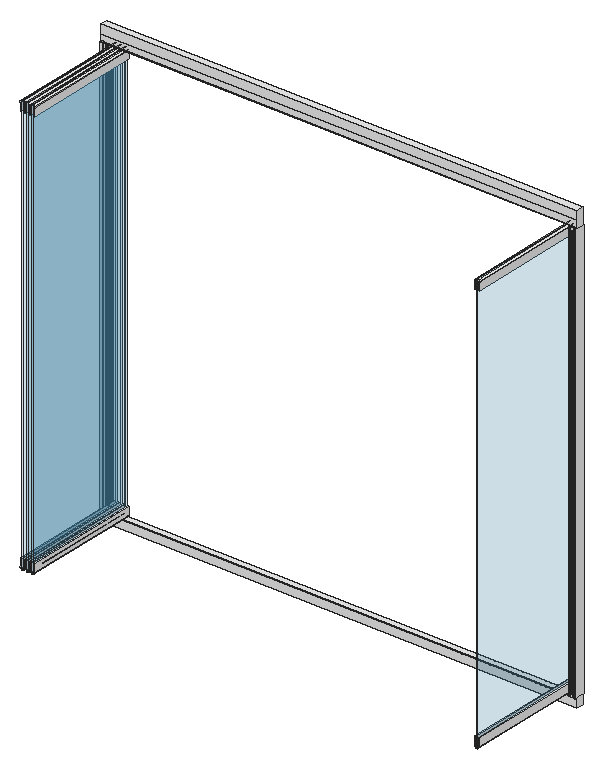
Revit family "98127", category Windows, host Wall, Revit 2018 (continued)
Definition of nested family "Header_SL-25"
  Definition of nested family "Detail Item_Header_SL-25"
    Lines and regions (in)
      model lines, in view "Ref. Level"
        curve 11: arc (0.52313, -1.73846, 0) -> (0.5425, -1.71908, 0) -> (0.52313, -1.69971, 0) r 0.01938
        curve 12: arc (0.67813, -1.69971, 0) -> (0.65875, -1.71908, 0) -> (0.67813, -1.73846, 0) r 0.01938
        curve 13: arc (0.47655, -2.35928, 0) -> (0.46527, -2.37883, 0) -> (0.48255, -2.39333, 0) r 0.01755
        curve 14: arc (0.6117, -3.01969, 0) -> (0.54345, -3.07392, 0) -> (0.5215, -3.15828, 0) r 0.13756
        curve 15: arc (0.50741, -3.17825, 0) -> (0.4768, -3.1991, 0) -> (0.465, -3.23421, 0) r 0.05812
        curve 16: arc (0.465, -3.26521, 0) -> (0.47067, -3.27891, 0) -> (0.48437, -3.28458, 0) r 0.01938
        curve 17: arc (0.50375, -3.28458, 0) -> (0.51745, -3.27891, 0) -> (0.52313, -3.26521, 0) r 0.01938
        curve 18: arc (0.61046, -3.20421, 0) -> (0.60762, -3.18106, 0) -> (0.58458, -3.17741, 0) r 0.01938
        curve 19: arc (0.63952, -3.07188, 0) -> (0.58829, -3.11228, 0) -> (0.58458, -3.17741, 0) r 0.07944
        curve 20: arc (0.63952, -3.07188, 0) -> (0.65875, -3.08889, 0) -> (0.67798, -3.07188, 0) r 0.01938
        curve 21: arc (0.73292, -3.17741, 0) -> (0.72921, -3.11228, 0) -> (0.67798, -3.07188, 0) r 0.07944
        curve 22: arc (0.73292, -3.17741, 0) -> (0.70988, -3.18106, 0) -> (0.70704, -3.20421, 0) r 0.01937
        curve 23: arc (0.71688, -3.90458, 0) -> (0.75798, -3.88756, 0) -> (0.775, -3.84646, 0) r 0.05812
        curve 24: arc (0.6975, -3.90458, 0) -> (0.6748, -3.84978, 0) -> (0.62, -3.82708, 0) r 0.0775
        curve 25: arc (0.52313, -3.78833, 0) -> (0.51745, -3.77463, 0) -> (0.50375, -3.76896, 0) r 0.01938
        curve 26: arc (0.48437, -3.76896, 0) -> (0.47067, -3.77463, 0) -> (0.465, -3.78833, 0) r 0.01938
        curve 27: arc (0.40688, -3.84646, 0) -> (0.36577, -3.86348, 0) -> (0.34875, -3.90458, 0) r 0.05812
        curve 28: arc (0.34875, -3.96271, 0) -> (0.3601, -3.99011, 0) -> (0.3875, -4.00146, 0) r 0.03875
        curve 29: arc (0.71688, -4.00146, 0) -> (0.82648, -3.95606, 0) -> (0.87188, -3.84646, 0) r 0.155
        curve 30: arc (0.83814, -1.42717, 0) -> (0.82133, -1.43051, 0) -> (0.81375, -1.44588, 0) r 0.01937
        curve 31: arc (0.75563, -1.43621, 0) -> (0.74995, -1.42251, 0) -> (0.73625, -1.41683, 0) r 0.01938
        curve 32: arc (0.71688, -1.41683, 0) -> (0.70317, -1.42251, 0) -> (0.6975, -1.43621, 0) r 0.01937
        curve 33: arc (0.6975, -1.11458, 0) -> (0.70317, -1.12828, 0) -> (0.71688, -1.13396, 0) r 0.01937
        curve 34: arc (0.73625, -1.13396, 0) -> (0.74995, -1.12828, 0) -> (0.75563, -1.11458, 0) r 0.01938
        curve 35: arc (0.81375, -1.10491, 0) -> (0.82133, -1.12028, 0) -> (0.83814, -1.12362, 0) r 0.01937
        curve 36: arc (0.25963, -0.99833, 0) -> (0.28232, -1.05313, 0) -> (0.33713, -1.07583, 0) r 0.0775
        curve 37: arc (-0.33712, -1.07583, 0) -> (-0.28232, -1.05313, 0) -> (-0.25962, -0.99833, 0) r 0.0775
        curve 38: arc (-0.83814, -1.12362, 0) -> (-0.82133, -1.12028, 0) -> (-0.81375, -1.10491, 0) r 0.01937
        curve 39: arc (-0.75562, -1.11458, 0) -> (-0.74995, -1.12828, 0) -> (-0.73625, -1.13396, 0) r 0.01937
        curve 40: arc (-0.71687, -1.13396, 0) -> (-0.70317, -1.12828, 0) -> (-0.6975, -1.11458, 0) r 0.01937
        curve 41: arc (-0.6975, -1.43621, 0) -> (-0.70317, -1.42251, 0) -> (-0.71687, -1.41683, 0) r 0.01937
        curve 42: arc (-0.73625, -1.41683, 0) -> (-0.74995, -1.42251, 0) -> (-0.75562, -1.43621, 0) r 0.01937
        curve 43: arc (-0.81375, -1.44588, 0) -> (-0.82133, -1.43051, 0) -> (-0.83814, -1.42717, 0) r 0.01937
        curve 44: arc (-0.87187, -3.84646, 0) -> (-0.82648, -3.95606, 0) -> (-0.71687, -4.00146, 0) r 0.155
        curve 45: arc (-0.3875, -4.00146, 0) -> (-0.3601, -3.99011, 0) -> (-0.34875, -3.96271, 0) r 0.03875
        curve 46: arc (-0.34875, -3.90458, 0) -> (-0.36577, -3.86348, 0) -> (-0.40687, -3.84646, 0) r 0.05812
        curve 47: arc (-0.465, -3.78833, 0) -> (-0.47067, -3.77463, 0) -> (-0.48437, -3.76896, 0) r 0.01938
        curve 48: arc (-0.50375, -3.76896, 0) -> (-0.51745, -3.77463, 0) -> (-0.52312, -3.78833, 0) r 0.01937
        curve 49: arc (-0.62, -3.82708, 0) -> (-0.6748, -3.84978, 0) -> (-0.6975, -3.90458, 0) r 0.0775
        curve 50: arc (-0.775, -3.84646, 0) -> (-0.75798, -3.88756, 0) -> (-0.71687, -3.90458, 0) r 0.05812
        curve 51: arc (-0.70704, -3.20421, 0) -> (-0.70988, -3.18106, 0) -> (-0.73292, -3.17741, 0) r 0.01938
        curve 52: arc (-0.67798, -3.07188, 0) -> (-0.72921, -3.11228, 0) -> (-0.73292, -3.17741, 0) r 0.07944
        curve 53: arc (-0.67798, -3.07188, 0) -> (-0.65875, -3.08889, 0) -> (-0.63952, -3.07188, 0) r 0.01937
        curve 54: arc (-0.58458, -3.17741, 0) -> (-0.58829, -3.11228, 0) -> (-0.63952, -3.07188, 0) r 0.07944
        curve 55: arc (-0.58458, -3.17741, 0) -> (-0.60762, -3.18106, 0) -> (-0.61046, -3.20421, 0) r 0.01937
        curve 56: arc (-0.52312, -3.26521, 0) -> (-0.51745, -3.27891, 0) -> (-0.50375, -3.28458, 0) r 0.01937
        curve 57: arc (-0.48437, -3.28458, 0) -> (-0.47067, -3.27891, 0) -> (-0.465, -3.26521, 0) r 0.01938
        curve 58: arc (-0.465, -3.23421, 0) -> (-0.4768, -3.1991, 0) -> (-0.50741, -3.17825, 0) r 0.05812
        curve 59: arc (-0.5215, -3.15828, 0) -> (-0.52463, -3.11836, 0) -> (-0.53913, -3.08102, 0) r 0.13756
        curve 60: arc (0.73625, -1.62996, 0) -> (0.73058, -1.61626, 0) -> (0.71688, -1.61058, 0) r 0.01937
        curve 61: arc (-0.71687, -1.61058, 0) -> (-0.73058, -1.61626, 0) -> (-0.73625, -1.62996, 0) r 0.01937
        curve 62: arc (-0.5215, -3.15828, 0) -> (-0.518, -3.17076, 0) -> (-0.50741, -3.17825, 0) r 0.01937
        curve 63: arc (-0.52228, -3.05208, 0) -> (-0.53903, -3.06171, 0) -> (-0.53913, -3.08102, 0) r 0.01938
        curve 64: arc (0.50741, -3.17825, 0) -> (0.518, -3.17076, 0) -> (0.5215, -3.15828, 0) r 0.01938
        curve 65: arc (-0.25187, -5.93896, 0) -> (-0.23817, -5.93328, 0) -> (-0.2325, -5.91958, 0) r 0.01937
        curve 66: arc (-0.2325, -6.15208, 0) -> (-0.23817, -6.13838, 0) -> (-0.25187, -6.13271, 0) r 0.01937
        curve 67: arc (-0.25188, -6.28771, 0) -> (-0.23817, -6.28203, 0) -> (-0.2325, -6.26833, 0) r 0.01937
        curve 68: arc (-0.50375, -6.69458, 0) -> (-0.465, -6.73333, 0) -> (-0.42625, -6.69458, 0) r 0.03875
        curve 69: arc (-0.34875, -6.66552, 0) -> (-0.31969, -6.69458, 0) -> (-0.29062, -6.66552, 0) r 0.02906
        curve 70: arc (-0.2325, -6.57833, 0) -> (-0.23817, -6.56463, 0) -> (-0.25188, -6.55896, 0) r 0.01937
        curve 71: arc (-0.2325, -5.70646, 0) -> (-0.23817, -5.69276, 0) -> (-0.25187, -5.68708, 0) r 0.01937
        curve 72: arc (-0.27125, -5.68708, 0) -> (-0.28495, -5.69276, 0) -> (-0.29062, -5.70646, 0) r 0.01937
        curve 73: arc (0.31, -5.59021, 0) -> (0.31567, -5.60391, 0) -> (0.32938, -5.60958, 0) r 0.01937
        curve 74: arc (0.34875, -5.60958, 0) -> (0.36245, -5.60391, 0) -> (0.36812, -5.59021, 0) r 0.01937
        curve 75: arc (0.04965, -5.35174, 0) -> (0.02699, -5.35377, 0) -> (0.02188, -5.37595, 0) r 0.01937
        curve 76: arc (-0.07707, -5.31881, 0) -> (-0.03972, -5.36838, 0) -> (0.02188, -5.37595, 0) r 0.07944
        curve 77: arc (-0.07707, -5.31881, 0) -> (-0.06006, -5.29958, 0) -> (-0.07707, -5.28035, 0) r 0.01937
        curve 78: arc (0.02188, -5.22322, 0) -> (-0.03972, -5.23079, 0) -> (-0.07707, -5.28035, 0) r 0.07944
        curve 79: arc (0.02188, -5.22322, 0) -> (0.02688, -5.2453, 0) -> (0.04941, -5.24757, 0) r 0.01937
        curve 80: arc (0.36812, -4.98958, 0) -> (0.36245, -4.97588, 0) -> (0.34875, -4.97021, 0) r 0.01937
        curve 81: arc (0.29062, -4.97021, 0) -> (0.27692, -4.97588, 0) -> (0.27125, -4.98958, 0) r 0.01937
        curve 82: arc (0.27125, -5.00896, 0) -> (0.27692, -5.02266, 0) -> (0.29062, -5.02833, 0) r 0.01937
        curve 83: arc (-0.25187, -5.14458, 0) -> (-0.25755, -5.13088, 0) -> (-0.27125, -5.12521, 0) r 0.01937
        curve 84: arc (-0.31, -5.12521, 0) -> (-0.3237, -5.13088, 0) -> (-0.32937, -5.14458, 0) r 0.01937
        curve 85: arc (-0.32937, -5.18333, 0) -> (-0.3237, -5.19703, 0) -> (-0.31, -5.20271, 0) r 0.01937
        curve 86: arc (-0.1619, -5.22975, 0) -> (-0.17089, -5.25618, 0) -> (-0.1756, -5.2837, 0) r 0.17631
        curve 87: arc (-0.3875, -4.98958, 0) -> (-0.36812, -4.97021, 0) -> (-0.3875, -4.95083, 0) r 0.01937
        curve 88: arc (-0.3875, -4.64083, 0) -> (-0.36812, -4.62146, 0) -> (-0.3875, -4.60208, 0) r 0.01937
        curve 89: arc (-0.32937, -4.44708, 0) -> (-0.31803, -4.47448, 0) -> (-0.29062, -4.48583, 0) r 0.03875
        curve 90: arc (-0.27125, -4.48583, 0) -> (-0.25755, -4.48016, 0) -> (-0.25187, -4.46646, 0) r 0.01937
        curve 91: arc (-0.25187, -4.21458, 0) -> (-0.25755, -4.20088, 0) -> (-0.27125, -4.19521, 0) r 0.01937
        curve 92: arc (-0.58125, -6.83021, 0) -> (-0.53585, -6.93981, 0) -> (-0.42625, -6.98521, 0) r 0.155
        curve 93: arc (-0.27125, -6.98521, 0) -> (-0.25755, -6.97953, 0) -> (-0.25187, -6.96583, 0) r 0.01937
        curve 94: arc (-0.37712, -6.88833, 0) -> (-0.33276, -6.92366, 0) -> (-0.27622, -6.91933, 0) r 0.0775
        curve 95: arc (-0.42625, -6.81083, 0) -> (-0.465, -6.84958, 0) -> (-0.42625, -6.88833, 0) r 0.03875
        curve 96: arc (-0.27622, -6.77983, 0) -> (-0.33276, -6.7755, 0) -> (-0.37712, -6.81083, 0) r 0.0775
        curve 97: arc (-0.2552, -6.75881, 0) -> (-0.2384, -6.73367, 0) -> (-0.2325, -6.70401, 0) r 0.0775
        curve 98: arc (-0.44562, -5.24146, 0) -> (-0.42293, -5.29626, 0) -> (-0.36812, -5.31896, 0) r 0.0775
        curve 99: arc (-0.37173, -5.45458, 0) -> (-0.42521, -5.47599, 0) -> (-0.44914, -5.5284, 0) r 0.0775
        curve 100: arc (-0.21419, -5.31896, 0) -> (-0.18805, -5.30881, 0) -> (-0.1756, -5.2837, 0) r 0.03875
        curve 101: arc (-0.42625, -4.38896, 0) -> (-0.45365, -4.40031, 0) -> (-0.465, -4.42771, 0) r 0.03875
        curve 102: arc (-0.42625, -4.98958, 0) -> (-0.43995, -4.99526, 0) -> (-0.44562, -5.00896, 0) r 0.01937
        curve 103: arc (-0.465, -4.93146, 0) -> (-0.45933, -4.94516, 0) -> (-0.44562, -4.95083, 0) r 0.01937
        curve 104: arc (-0.44562, -4.64083, 0) -> (-0.45933, -4.64651, 0) -> (-0.465, -4.66021, 0) r 0.01937
        curve 105: arc (-0.465, -4.58271, 0) -> (-0.45933, -4.59641, 0) -> (-0.44562, -4.60208, 0) r 0.01937
        curve 106: arc (-0.48437, -6.11333, 0) -> (-0.4787, -6.12703, 0) -> (-0.465, -6.13271, 0) r 0.01937
        curve 107: arc (-0.46403, -5.84116, 0) -> (-0.4587, -5.85545, 0) -> (-0.44468, -5.86146, 0) r 0.01937
        curve 108: arc (-0.48437, -6.21021, 0) -> (-0.49808, -6.21588, 0) -> (-0.50375, -6.22958, 0) r 0.01938
        curve 109: arc (-0.32937, -4.40833, 0) -> (-0.33505, -4.39463, 0) -> (-0.34875, -4.38896, 0) r 0.01938
        curve 110: arc (-0.465, -5.93896, 0) -> (-0.4787, -5.94463, 0) -> (-0.48437, -5.95833, 0) r 0.01937
        curve 111: arc (-0.1619, -5.22975, 0) -> (-0.1635, -5.21143, 0) -> (-0.17969, -5.20271, 0) r 0.01937
        curve 112: arc (0.32162, -6.90771, 0) -> (0.31595, -6.89401, 0) -> (0.30225, -6.88833, 0) r 0.01937
        curve 113: arc (0.465, -6.98521, 0) -> (0.5746, -6.93981, 0) -> (0.62, -6.83021, 0) r 0.155
        curve 114: arc (0.32938, -4.19521, 0) -> (0.30197, -4.20656, 0) -> (0.29063, -4.23396, 0) r 0.03875
        curve 115: arc (0.29063, -4.30018, 0) -> (0.29863, -4.32377, 0) -> (0.31935, -4.33761, 0) r 0.03875
        curve 116: arc (0.40874, -4.36157, 0) -> (0.41243, -4.36165, 0) -> (0.41573, -4.36002, 0) r 0.00775
        curve 117: arc (0.5425, -4.38121, 0) -> (0.53115, -4.35381, 0) -> (0.50375, -4.34246, 0) r 0.03875
        curve 118: arc (0.4855, -6.90495, 0) -> (0.52662, -6.8772, 0) -> (0.5425, -6.83021, 0) r 0.0775
        curve 119: arc (0.44459, -6.83408, 0) -> (0.4372, -6.83024, 0) -> (0.43059, -6.83531, 0) r 0.00775
        curve 120: arc (-0.92031, -2.10271, 0) -> (-0.90661, -2.09703, 0) -> (-0.90094, -2.08333, 0) r 0.01937
        curve 121: arc (-0.96875, -2.08333, 0) -> (-0.96308, -2.09703, 0) -> (-0.94937, -2.10271, 0) r 0.01938
        curve 122: arc (-0.90094, -1.92348, 0) -> (-0.87803, -1.84293, 0) -> (-0.89125, -1.76024, 0) r 0.19375
        curve 123: arc (-0.89125, -1.51517, 0) -> (-0.87769, -1.44396, 0) -> (-0.89125, -1.37274, 0) r 0.19375
        curve 124: arc (0.94938, -2.10271, 0) -> (0.96308, -2.09703, 0) -> (0.96875, -2.08333, 0) r 0.01938
        curve 125: arc (0.90094, -2.08333, 0) -> (0.90661, -2.09703, 0) -> (0.92031, -2.10271, 0) r 0.01938
        curve 126: arc (0.89125, -1.76024, 0) -> (0.87803, -1.84293, 0) -> (0.90094, -1.92348, 0) r 0.19375
        curve 127: arc (0.89125, -1.37274, 0) -> (0.87769, -1.44396, 0) -> (0.89125, -1.51517, 0) r 0.19375
        curve 128: arc (-0.77698, -0.27713, 0) -> (-0.87423, -0.22098, 0) -> (-0.81808, -0.31823, 0) r 0.05812
        curve 129: arc (-0.89125, -1.12767, 0) -> (-0.87769, -1.05646, 0) -> (-0.89125, -0.98524, 0) r 0.19375
        curve 130: arc (-0.85898, -0.38336, 0) -> (-0.8228, -0.37214, 0) -> (-0.81347, -0.33543, 0) r 0.03875
        curve 131: arc (-0.89125, -0.74017, 0) -> (-0.87769, -0.66896, 0) -> (-0.89125, -0.59774, 0) r 0.19375
        curve 132: arc (-0.87564, -0.37857, 0) -> (-0.86739, -0.38125, 0) -> (-0.85898, -0.38336, 0) r 0.124
        curve 133: arc (-0.87564, -0.37857, 0) -> (-0.88629, -0.37996, 0) -> (-0.89125, -0.38949, 0) r 0.01163
        curve 134: arc (-0.5425, -0.38608, 0) -> (-0.53683, -0.39978, 0) -> (-0.52312, -0.40546, 0) r 0.01937
        curve 135: arc (-0.52312, -0.33571, 0) -> (-0.53683, -0.34138, 0) -> (-0.5425, -0.35508, 0) r 0.01937
        curve 136: arc (-0.43594, -0.33571, 0) -> (-0.42224, -0.33003, 0) -> (-0.41656, -0.31633, 0) r 0.01937
        curve 137: arc (-0.19375, -0.34733, 0) -> (-0.19942, -0.33363, 0) -> (-0.21312, -0.32796, 0) r 0.01938
        curve 138: arc (-0.21312, -0.40546, 0) -> (-0.19942, -0.39978, 0) -> (-0.19375, -0.38608, 0) r 0.01938
        curve 139: arc (-0.75978, -0.28173, 0) -> (-0.72307, -0.27241, 0) -> (-0.71185, -0.23623, 0) r 0.03875
        curve 140: arc (-0.70572, -0.20396, 0) -> (-0.71525, -0.20892, 0) -> (-0.71664, -0.21957, 0) r 0.01163
        curve 141: arc (-0.71185, -0.23623, 0) -> (-0.71395, -0.22781, 0) -> (-0.71664, -0.21957, 0) r 0.124
        curve 142: arc (-0.41656, -0.22333, 0) -> (-0.42224, -0.20963, 0) -> (-0.43594, -0.20396, 0) r 0.01937
        curve 143: arc (-0.27706, -0.25821, 0) -> (-0.26336, -0.25253, 0) -> (-0.25769, -0.23883, 0) r 0.01937
        curve 144: arc (0.81808, -0.31823, 0) -> (0.87423, -0.22098, 0) -> (0.77698, -0.27713, 0) r 0.05812
        curve 145: arc (0.19375, -0.38608, 0) -> (0.19942, -0.39978, 0) -> (0.21313, -0.40546, 0) r 0.01937
        curve 146: arc (0.21313, -0.32796, 0) -> (0.19942, -0.33363, 0) -> (0.19375, -0.34733, 0) r 0.01937
        curve 147: arc (0.41656, -0.31633, 0) -> (0.42224, -0.33003, 0) -> (0.43594, -0.33571, 0) r 0.01938
        curve 148: arc (0.52313, -0.40546, 0) -> (0.53683, -0.39978, 0) -> (0.5425, -0.38608, 0) r 0.01938
        curve 149: arc (0.5425, -0.35508, 0) -> (0.53683, -0.34138, 0) -> (0.52313, -0.33571, 0) r 0.01938
        curve 150: arc (0.89125, -0.98524, 0) -> (0.87769, -1.05646, 0) -> (0.89125, -1.12767, 0) r 0.19375
        curve 151: arc (0.89125, -0.59774, 0) -> (0.87769, -0.66896, 0) -> (0.89125, -0.74017, 0) r 0.19375
        curve 152: arc (0.81347, -0.33543, 0) -> (0.8228, -0.37214, 0) -> (0.85898, -0.38336, 0) r 0.03875
        curve 153: arc (0.89125, -0.38949, 0) -> (0.88629, -0.37996, 0) -> (0.87564, -0.37857, 0) r 0.01163
        curve 154: arc (0.85898, -0.38336, 0) -> (0.86739, -0.38125, 0) -> (0.87564, -0.37857, 0) r 0.124
        curve 155: arc (0.25769, -0.23883, 0) -> (0.26336, -0.25253, 0) -> (0.27706, -0.25821, 0) r 0.01937
        curve 156: arc (0.43594, -0.20396, 0) -> (0.42224, -0.20963, 0) -> (0.41656, -0.22333, 0) r 0.01938
        curve 157: arc (0.71185, -0.23623, 0) -> (0.72307, -0.27241, 0) -> (0.75978, -0.28173, 0) r 0.03875
        curve 158: arc (0.71664, -0.21957, 0) -> (0.71395, -0.22781, 0) -> (0.71185, -0.23623, 0) r 0.124
        curve 159: arc (0.71664, -0.21957, 0) -> (0.71525, -0.20892, 0) -> (0.70572, -0.20396, 0) r 0.01162
        curve 160: arc (-0.23726, -1.07154, 0) -> (-0.23926, -1.06833, 0) -> (-0.24219, -1.06592, 0) r 0.01163
        curve 161: arc (-0.21278, -1.13066, 0) -> (-0.20849, -1.13587, 0) -> (-0.20203, -1.13783, 0) r 0.01163
        curve 162: arc (0.24219, -1.06592, 0) -> (0.23926, -1.06833, 0) -> (0.23726, -1.07154, 0) r 0.01163
        curve 163: arc (0.20203, -1.13783, 0) -> (0.20849, -1.13587, 0) -> (0.21278, -1.13066, 0) r 0.01162
        curve 164: arc (-0.2325, -0.07221, 0) -> (-0.2462, -0.07788, 0) -> (-0.25187, -0.09158, 0) r 0.01938
        curve 165: arc (0.25769, -0.23883, 0) -> (0.26336, -0.25253, 0) -> (0.27706, -0.25821, 0) r 0.01937
        curve 166: arc (0.25187, -0.09158, 0) -> (0.2462, -0.07788, 0) -> (0.2325, -0.07221, 0) r 0.01937
        curve 167: arc (-0.20507, -6.90291, 0) -> (-0.20423, -6.91726, 0) -> (-0.19375, -6.92708, 0) r 0.01937
        curve 168: arc (-0.20507, -6.84479, 0) -> (-0.20423, -6.85913, 0) -> (-0.19375, -6.86896, 0) r 0.01937
        curve 169: arc (-0.20507, -6.78666, 0) -> (-0.20423, -6.80101, 0) -> (-0.19375, -6.81083, 0) r 0.01937
        curve 170: arc (-0.19502, -6.75653, 0) -> (-0.19514, -6.74394, 0) -> (-0.20295, -6.73408, 0) r 0.01937
        curve 171: arc (-0.21006, -6.72953, 0) -> (-0.22466, -6.72691, 0) -> (-0.23683, -6.73539, 0) r 0.01937
        curve 172: arc (-0.25187, -6.97718, 0) -> (-0.23991, -6.99508, 0) -> (-0.2188, -6.99088, 0) r 0.01938
        curve 173: arc (-0.31, -6.88833, 0) -> (-0.27125, -6.84958, 0) -> (-0.31, -6.81083, 0) r 0.03875
        curve 174: arc (-0.31, -6.81083, 0) -> (-0.34875, -6.84958, 0) -> (-0.31, -6.88833, 0) r 0.03875
        curve 175: arc (-0.2051, -6.97718, 0) -> (-0.1967, -6.96461, 0) -> (-0.19375, -6.94978, 0) r 0.03875
        curve 176: arc (-0.26819, -6.78433, 0) -> (-0.3875, -6.84958, 0) -> (-0.26819, -6.91484, 0) r 0.0775
        curve 177: line (-0.43804, -6.22958, 0) -> (-0.48437, -6.42333, 0)
        curve 178: line (-0.48437, -6.42333, 0) -> (-0.43804, -6.61708, 0)
        curve 179: arc (-0.29837, -6.26446, 0) -> (-0.30225, -6.25774, 0) -> (-0.31, -6.25774, 0) r 0.00775
        curve 180: arc (-0.40486, -6.31251, 0) -> (-0.41028, -6.32559, 0) -> (-0.39905, -6.33421, 0) r 0.01162
        curve 181: arc (-0.39905, -6.51246, 0) -> (-0.41028, -6.52107, 0) -> (-0.40486, -6.53415, 0) r 0.01162
        curve 182: arc (-0.31, -6.58892, 0) -> (-0.30225, -6.58892, 0) -> (-0.29837, -6.58221, 0) r 0.00775
        curve 183: arc (0.47695, -6.85994, 0) -> (0.50595, -6.87195, 0) -> (0.52506, -6.84705, 0) r 0.02578
        curve 184: arc (0.37781, -6.80308, 0) -> (0.38349, -6.81678, 0) -> (0.39719, -6.82246, 0) r 0.01937
        curve 185: arc (0.14531, -5.32864, 0) -> (0.15099, -5.34234, 0) -> (0.16469, -5.34802, 0) r 0.01937
        curve 186: arc (0.16469, -5.25114, 0) -> (0.15099, -5.25682, 0) -> (0.14531, -5.27052, 0) r 0.01937
        curve 187: arc (0.34875, -4.41996, 0) -> (0.35442, -4.43366, 0) -> (0.36813, -4.43933, 0) r 0.01938
        curve 188: arc (0.36813, -4.38121, 0) -> (0.35442, -4.38688, 0) -> (0.34875, -4.40058, 0) r 0.01938
        curve 189: arc (0.45265, -4.35037, 0) -> (0.4397, -4.35229, 0) -> (0.42869, -4.35939, 0) r 0.031
        curve 190: arc (0.52506, -4.42771, 0) -> (0.50413, -4.37474, 0) -> (0.45265, -4.35037, 0) r 0.0775
        curve 191: arc (0.50569, -4.44708, 0) -> (0.51939, -4.44141, 0) -> (0.52506, -4.42771, 0) r 0.01938
        curve 192: arc (0.01936, -3.38113, 0) -> (0.03561, -3.38035, 0) -> (0.05183, -3.37912, 0) r 0.58397
        curve 193: arc (0.05183, -3.37912, 0) -> (0.0567, -3.37866, 0) -> (0.06156, -3.37816, 0) r 0.6057
        curve 194: line (0.06156, -3.37816, 0) -> (0.19016, -3.35204, 0)
        curve 195: line (-0.19016, -3.35204, 0) -> (-0.06156, -3.37816, 0)
        curve 196: arc (-0.06156, -3.37816, 0) -> (-0.05675, -3.37865, 0) -> (-0.05194, -3.37911, 0) r 0.60576
        curve 197: arc (-0.05194, -3.37911, 0) -> (-0.03567, -3.38034, 0) -> (-0.01936, -3.38113, 0) r 0.584
        curve 198: line (-0.38033, -3.21713, 0) -> (-0.28525, -3.18771, 0)
        curve 199: line (-0.28525, -3.18771, 0) -> (-0.19016, -3.21713, 0)
        curve 200: line (-0.26252, -3.37965, 0) -> (-0.19016, -3.35204, 0)
        curve 201: line (-0.38033, -3.35204, 0) -> (-0.28525, -3.38146, 0)
        curve 202: line (0.28525, -3.18771, 0) -> (0.38033, -3.21713, 0)
        curve 203: line (0.19016, -3.21713, 0) -> (0.28525, -3.18771, 0)
        curve 204: arc (0.28525, -3.38146, 0) -> (0.29723, -3.38095, 0) -> (0.30913, -3.37947, 0) r 0.14677
        curve 205: line (0.30913, -3.37947, 0) -> (0.38033, -3.35204, 0)
        curve 206: line (0.19016, -3.35204, 0) -> (0.26075, -3.37936, 0)
        curve 207: line (0.26075, -3.37936, 0) -> (0.28525, -3.38146, 0)
        curve 208: line (-0.19016, -3.21713, 0) -> (0, -3.18771, 0)
        curve 209: line (0, -3.18771, 0) -> (0.19016, -3.21713, 0)
        curve 210: arc (0.73625, -3.82708, 0) -> (0.76365, -3.81573, 0) -> (0.775, -3.78833, 0) r 0.03875
        curve 211: arc (0.775, -3.28458, 0) -> (0.76365, -3.25718, 0) -> (0.73625, -3.24583, 0) r 0.03875
        curve 212: arc (0.27125, -4.52458, 0) -> (0.2599, -4.49718, 0) -> (0.2325, -4.48583, 0) r 0.03875
        curve 213: arc (0.2325, -5.10583, 0) -> (0.2599, -5.09448, 0) -> (0.27125, -5.06708, 0) r 0.03875
        curve 214: arc (-0.31, -5.10583, 0) -> (-0.3237, -5.11151, 0) -> (-0.32937, -5.12521, 0) r 0.01937
        curve 215: arc (-0.36812, -5.20271, 0) -> (-0.34072, -5.19136, 0) -> (-0.32937, -5.16396, 0) r 0.03875
        curve 216: arc (-0.42625, -5.18333, 0) -> (-0.42058, -5.19703, 0) -> (-0.40687, -5.20271, 0) r 0.01937
        curve 217: arc (-0.40687, -4.38896, 0) -> (-0.42058, -4.39463, 0) -> (-0.42625, -4.40833, 0) r 0.01937
        curve 218: arc (-0.32937, -4.42771, 0) -> (-0.3304, -4.41887, 0) -> (-0.33341, -4.41049, 0) r 0.03875
        curve 219: arc (-0.33341, -4.41049, 0) -> (-0.34072, -4.40031, 0) -> (-0.35091, -4.39299, 0) r 0.03875
        curve 220: arc (-0.35091, -4.39299, 0) -> (-0.35929, -4.38998, 0) -> (-0.36812, -4.38896, 0) r 0.03875
        curve 221: arc (-0.32937, -4.46646, 0) -> (-0.3237, -4.48016, 0) -> (-0.31, -4.48583, 0) r 0.01937
        curve 222: arc (-0.6975, -3.67208, 0) -> (-0.69183, -3.68578, 0) -> (-0.67812, -3.69146, 0) r 0.01938
        curve 223: arc (-0.67812, -3.38146, 0) -> (-0.69183, -3.38713, 0) -> (-0.6975, -3.40083, 0) r 0.01938
        curve 224: arc (0.33872, -3.69278, 0) -> (0.31801, -3.70662, 0) -> (0.31, -3.73021, 0) r 0.03875
        curve 225: arc (0.34875, -3.69146, 0) -> (0.34395, -3.69176, 0) -> (0.33922, -3.69265, 0) r 0.03875
        curve 226: arc (-0.31, -3.73021, 0) -> (-0.32135, -3.70281, 0) -> (-0.34875, -3.69146, 0) r 0.03875
        curve 227: arc (0.33872, -3.69278, 0) -> (0.31801, -3.70662, 0) -> (0.31, -3.73021, 0) r 0.03875
        curve 228: arc (0.34875, -3.69146, 0) -> (0.34395, -3.69176, 0) -> (0.33922, -3.69265, 0) r 0.03875
        curve 229: arc (-0.31, -3.73021, 0) -> (-0.32135, -3.70281, 0) -> (-0.34875, -3.69146, 0) r 0.03875
        curve 230: arc (0.30433, -4.10401, 0) -> (0.30822, -4.09841, 0) -> (0.30994, -4.09182, 0) r 0.01937
        curve 231: arc (-0.2325, -4.46646, 0) -> (-0.22683, -4.48016, 0) -> (-0.21312, -4.48583, 0) r 0.01938
        curve 232: arc (0.21313, -4.48583, 0) -> (0.22683, -4.48016, 0) -> (0.2325, -4.46646, 0) r 0.01937
        curve 233: arc (-0.30994, -4.09182, 0) -> (-0.30822, -4.09841, 0) -> (-0.30433, -4.10401, 0) r 0.01938
        curve 234: arc (0.3875, -3.40083, 0) -> (0.38183, -3.38713, 0) -> (0.36813, -3.38146, 0) r 0.01938
        curve 235: arc (0.36813, -3.69146, 0) -> (0.38183, -3.68578, 0) -> (0.3875, -3.67208, 0) r 0.01938
        curve 236: arc (0.2552, -4.15313, 0) -> (0.2384, -4.17828, 0) -> (0.2325, -4.20793, 0) r 0.0775
        curve 237: arc (-0.2325, -4.20793, 0) -> (-0.2384, -4.17828, 0) -> (-0.2552, -4.15313, 0) r 0.0775
        curve 238: arc (0.63938, -3.16833, 0) -> (0.62567, -3.17401, 0) -> (0.62, -3.18771, 0) r 0.01938
        curve 239: arc (0.6975, -3.18771, 0) -> (0.69183, -3.17401, 0) -> (0.67813, -3.16833, 0) r 0.01938
        curve 240: line (0.21762, -5.25114, 0) -> (0.21514, -5.24478, 0)
        curve 241: line (0.171, -5.36823, 0) -> (0.16744, -5.34981, 0)
        curve 242: line (0.1555, -5.25346, 0) -> (0.15393, -5.24339, 0)
        curve 243: line (0.21321, -5.34802, 0) -> (0.21565, -5.35426, 0)
        curve 244: line (0.26091, -5.23544, 0) -> (0.25779, -5.22546, 0)
        curve 245: line (0.36708, -5.29958, 0) -> (0.37208, -5.33055, 0)
        curve 246: line (0.383, -5.33971, 0) -> (0.37429, -5.26676, 0)
        curve 247: line (0.22455, -5.36542, 0) -> (0.22142, -5.34802, 0)
        curve 248: arc (0.20941, -5.25114, 0) -> (0.20881, -5.24727, 0) -> (0.20818, -5.24339, 0) r 0.36075
        curve 249: line (0.39665, -5.35117, 0) -> (0.38874, -5.29958, 0)
        curve 250: line (0.09583, -5.29958, 0) -> (0.10715, -5.35427, 0)
        curve 251: line (0.13081, -5.35577, 0) -> (0.118, -5.29958, 0)
        curve 252: line (0.38874, -5.29958, 0) -> (0.38249, -5.25988, 0)
        curve 253: line (0.18502, -5.35577, 0) -> (0.18114, -5.34802, 0)
        curve 254: line (0.24011, -5.35616, 0) -> (0.23537, -5.34802, 0)
        curve 255: line (0.36364, -5.27768, 0) -> (0.36708, -5.29958, 0)
        curve 256: line (0.15868, -5.34706, 0) -> (0.16132, -5.35414, 0)
        curve 257: line (0.118, -5.29958, 0) -> (0.10664, -5.24477, 0)
        curve 258: line (0.11755, -5.37088, 0) -> (0.09969, -5.24349, 0)
        curve 259: line (0.19076, -5.24301, 0) -> (0.19544, -5.25114, 0)
        curve 260: line (0.13651, -5.24301, 0) -> (0.14535, -5.26925, 0)
        curve 261: line (0.08226, -5.24301, 0) -> (0.09583, -5.29958, 0)
        curve 262: line (0.16337, -5.25119, 0) -> (0.16089, -5.24478, 0)
        curve 263: arc (0.34734, -6.99742, 0) -> (0.34788, -6.98939, 0) -> (0.341, -6.98521, 0) r 0.00775
        curve 264: arc (0.31388, -6.88833, 0) -> (0.32094, -6.88376, 0) -> (0.31967, -6.87543, 0) r 0.00775
        curve 265: arc (0.22084, -6.74241, 0) -> (0.20045, -6.73995, 0) -> (0.19551, -6.75987, 0) r 0.0155
        curve 266: arc (0.20765, -7.00267, 0) -> (0.19441, -7.02947, 0) -> (0.21851, -7.04716, 0) r 0.02325
        curve 267: arc (0.3085, -7.04006, 0) -> (0.31672, -7.03762, 0) -> (0.32309, -7.03187, 0) r 0.01937
        curve 268: arc (0.21438, -6.99971, 0) -> (0.25055, -6.96308, 0) -> (0.25174, -6.91162, 0) r 0.06975
        curve 269: arc (-0.1619, -5.22975, 0) -> (-0.1635, -5.21143, 0) -> (-0.17969, -5.20271, 0) r 0.01937
        curve 270: arc (-0.465, -5.93896, 0) -> (-0.4787, -5.94463, 0) -> (-0.48437, -5.95833, 0) r 0.01937
        curve 271: arc (-0.32937, -4.40833, 0) -> (-0.33505, -4.39463, 0) -> (-0.34875, -4.38896, 0) r 0.01938
        curve 272: arc (-0.48437, -6.21021, 0) -> (-0.49808, -6.21588, 0) -> (-0.50375, -6.22958, 0) r 0.01938
        curve 273: arc (-0.46403, -5.84116, 0) -> (-0.4587, -5.85545, 0) -> (-0.44468, -5.86146, 0) r 0.01937
        curve 274: arc (-0.48437, -6.11333, 0) -> (-0.4787, -6.12703, 0) -> (-0.465, -6.13271, 0) r 0.01937
        curve 275: arc (-0.465, -4.58271, 0) -> (-0.45933, -4.59641, 0) -> (-0.44562, -4.60208, 0) r 0.01937
        curve 276: arc (-0.44562, -4.64083, 0) -> (-0.45933, -4.64651, 0) -> (-0.465, -4.66021, 0) r 0.01937
        curve 277: arc (-0.465, -4.93146, 0) -> (-0.45933, -4.94516, 0) -> (-0.44562, -4.95083, 0) r 0.01937
        curve 278: arc (-0.42625, -4.98958, 0) -> (-0.43995, -4.99526, 0) -> (-0.44562, -5.00896, 0) r 0.01937
        curve 279: arc (-0.42625, -4.38896, 0) -> (-0.45365, -4.40031, 0) -> (-0.465, -4.42771, 0) r 0.03875
        curve 280: arc (-0.21419, -5.31896, 0) -> (-0.18805, -5.30881, 0) -> (-0.1756, -5.2837, 0) r 0.03875
        curve 281: arc (-0.37173, -5.45458, 0) -> (-0.42521, -5.47599, 0) -> (-0.44914, -5.5284, 0) r 0.0775
        curve 282: arc (-0.44562, -5.24146, 0) -> (-0.42293, -5.29626, 0) -> (-0.36812, -5.31896, 0) r 0.0775
        curve 283: arc (-0.42625, -6.81083, 0) -> (-0.465, -6.84958, 0) -> (-0.42625, -6.88833, 0) r 0.03875
        curve 284: arc (-0.58125, -6.83021, 0) -> (-0.53585, -6.93981, 0) -> (-0.42625, -6.98521, 0) r 0.155
        curve 285: arc (-0.25187, -4.21458, 0) -> (-0.25755, -4.20088, 0) -> (-0.27125, -4.19521, 0) r 0.01937
        curve 286: arc (-0.27125, -4.48583, 0) -> (-0.25755, -4.48016, 0) -> (-0.25187, -4.46646, 0) r 0.01937
        curve 287: arc (-0.32937, -4.44708, 0) -> (-0.31803, -4.47448, 0) -> (-0.29062, -4.48583, 0) r 0.03875
        curve 288: arc (-0.3875, -4.64083, 0) -> (-0.36812, -4.62146, 0) -> (-0.3875, -4.60208, 0) r 0.01937
        curve 289: arc (-0.3875, -4.98958, 0) -> (-0.36812, -4.97021, 0) -> (-0.3875, -4.95083, 0) r 0.01937
        curve 290: arc (-0.1619, -5.22975, 0) -> (-0.17089, -5.25618, 0) -> (-0.1756, -5.2837, 0) r 0.17631
        curve 291: arc (-0.32937, -5.18333, 0) -> (-0.3237, -5.19703, 0) -> (-0.31, -5.20271, 0) r 0.01937
        curve 292: arc (-0.31, -5.12521, 0) -> (-0.3237, -5.13088, 0) -> (-0.32937, -5.14458, 0) r 0.01937
        curve 293: arc (-0.25187, -5.14458, 0) -> (-0.25755, -5.13088, 0) -> (-0.27125, -5.12521, 0) r 0.01937
        curve 294: arc (0.27125, -5.00896, 0) -> (0.27692, -5.02266, 0) -> (0.29062, -5.02833, 0) r 0.01937
        curve 295: arc (0.29062, -4.97021, 0) -> (0.27692, -4.97588, 0) -> (0.27125, -4.98958, 0) r 0.01937
        curve 296: arc (0.36812, -4.98958, 0) -> (0.36245, -4.97588, 0) -> (0.34875, -4.97021, 0) r 0.01937
        curve 297: arc (0.02188, -5.22322, 0) -> (-0.03972, -5.23079, 0) -> (-0.07707, -5.28035, 0) r 0.07944
        curve 298: arc (-0.07707, -5.31881, 0) -> (-0.06006, -5.29958, 0) -> (-0.07707, -5.28035, 0) r 0.01937
        curve 299: arc (-0.07707, -5.31881, 0) -> (-0.03972, -5.36838, 0) -> (0.02188, -5.37595, 0) r 0.07944
        curve 300: arc (-0.50375, -6.69458, 0) -> (-0.465, -6.73333, 0) -> (-0.42625, -6.69458, 0) r 0.03875
        curve 301: arc (-0.1619, -5.22975, 0) -> (-0.1635, -5.21143, 0) -> (-0.17969, -5.20271, 0) r 0.01937
        curve 302: arc (-0.465, -5.93896, 0) -> (-0.4787, -5.94463, 0) -> (-0.48437, -5.95833, 0) r 0.01937
        curve 303: arc (-0.32937, -4.40833, 0) -> (-0.33505, -4.39463, 0) -> (-0.34875, -4.38896, 0) r 0.01938
        curve 304: arc (-0.48437, -6.21021, 0) -> (-0.49808, -6.21588, 0) -> (-0.50375, -6.22958, 0) r 0.01938
        curve 305: arc (-0.46403, -5.84116, 0) -> (-0.4587, -5.85545, 0) -> (-0.44468, -5.86146, 0) r 0.01937
        curve 306: arc (-0.48437, -6.11333, 0) -> (-0.4787, -6.12703, 0) -> (-0.465, -6.13271, 0) r 0.01937
        curve 307: arc (-0.465, -4.58271, 0) -> (-0.45933, -4.59641, 0) -> (-0.44562, -4.60208, 0) r 0.01937
        curve 308: arc (-0.44562, -4.64083, 0) -> (-0.45933, -4.64651, 0) -> (-0.465, -4.66021, 0) r 0.01937
        curve 309: arc (-0.465, -4.93146, 0) -> (-0.45933, -4.94516, 0) -> (-0.44562, -4.95083, 0) r 0.01937
        curve 310: arc (-0.42625, -4.98958, 0) -> (-0.43995, -4.99526, 0) -> (-0.44562, -5.00896, 0) r 0.01937
        curve 311: arc (-0.42625, -4.38896, 0) -> (-0.45365, -4.40031, 0) -> (-0.465, -4.42771, 0) r 0.03875
        curve 312: arc (-0.21419, -5.31896, 0) -> (-0.18805, -5.30881, 0) -> (-0.1756, -5.2837, 0) r 0.03875
        curve 313: arc (-0.37173, -5.45458, 0) -> (-0.42521, -5.47599, 0) -> (-0.44914, -5.5284, 0) r 0.0775
        curve 314: arc (-0.44562, -5.24146, 0) -> (-0.42293, -5.29626, 0) -> (-0.36812, -5.31896, 0) r 0.0775
        curve 315: arc (-0.42625, -6.81083, 0) -> (-0.465, -6.84958, 0) -> (-0.42625, -6.88833, 0) r 0.03875
        curve 316: arc (-0.58125, -6.83021, 0) -> (-0.53585, -6.93981, 0) -> (-0.42625, -6.98521, 0) r 0.155
        curve 317: arc (-0.25187, -4.21458, 0) -> (-0.25755, -4.20088, 0) -> (-0.27125, -4.19521, 0) r 0.01937
        curve 318: arc (-0.27125, -4.48583, 0) -> (-0.25755, -4.48016, 0) -> (-0.25187, -4.46646, 0) r 0.01937
        curve 319: arc (-0.3875, -4.64083, 0) -> (-0.36812, -4.62146, 0) -> (-0.3875, -4.60208, 0) r 0.01937
        curve 320: arc (-0.3875, -4.98958, 0) -> (-0.36812, -4.97021, 0) -> (-0.3875, -4.95083, 0) r 0.01937
        curve 321: arc (-0.1619, -5.22975, 0) -> (-0.17089, -5.25618, 0) -> (-0.1756, -5.2837, 0) r 0.17631
        curve 322: arc (-0.32937, -5.18333, 0) -> (-0.3237, -5.19703, 0) -> (-0.31, -5.20271, 0) r 0.01937
        curve 323: arc (-0.31, -5.12521, 0) -> (-0.3237, -5.13088, 0) -> (-0.32937, -5.14458, 0) r 0.01937
        curve 324: arc (-0.25187, -5.14458, 0) -> (-0.25755, -5.13088, 0) -> (-0.27125, -5.12521, 0) r 0.01937
        curve 325: arc (0.27125, -5.00896, 0) -> (0.27692, -5.02266, 0) -> (0.29062, -5.02833, 0) r 0.01937
        curve 326: arc (0.29062, -4.97021, 0) -> (0.27692, -4.97588, 0) -> (0.27125, -4.98958, 0) r 0.01937
        curve 327: arc (0.36812, -4.98958, 0) -> (0.36245, -4.97588, 0) -> (0.34875, -4.97021, 0) r 0.01937
        curve 328: arc (0.02188, -5.22322, 0) -> (-0.03972, -5.23079, 0) -> (-0.07707, -5.28035, 0) r 0.07944
        curve 329: arc (-0.07707, -5.31881, 0) -> (-0.06006, -5.29958, 0) -> (-0.07707, -5.28035, 0) r 0.01937
        curve 330: arc (-0.07707, -5.31881, 0) -> (-0.03972, -5.36838, 0) -> (0.02188, -5.37595, 0) r 0.07944
        curve 331: arc (-0.50375, -6.69458, 0) -> (-0.465, -6.73333, 0) -> (-0.42625, -6.69458, 0) r 0.03875
        curve 332: line (-0.73625, -1.62996, 0) -> (-0.73625, -1.69971, 0)
        curve 333: line (-0.73625, -1.69971, 0) -> (-0.67812, -1.69971, 0)
        curve 334: line (-0.67812, -1.73846, 0) -> (-0.73625, -1.73846, 0)
        curve 335: line (-0.73625, -1.73846, 0) -> (-0.73625, -1.7979, 0)
        curve 336: line (-0.73625, -1.7979, 0) -> (-0.75562, -1.83146, 0)
        curve 337: line (-0.75562, -1.83146, 0) -> (-0.75562, -2.87771, 0)
        curve 338: line (-0.75562, -2.87771, 0) -> (-0.47775, -2.97885, 0)
        curve 339: line (-0.465, -3.03271, 0) -> (-0.465, -2.99705, 0)
        curve 340: line (-0.52312, -1.69971, 0) -> (-0.465, -1.69971, 0)
        curve 341: line (-0.465, -1.69971, 0) -> (-0.465, -1.61058, 0)
        curve 342: line (-0.465, -1.61058, 0) -> (-0.71687, -1.61058, 0)
        curve 343: line (-0.465, -1.73846, 0) -> (-0.52312, -1.73846, 0)
        curve 344: line (-0.40687, -1.62503, 0) -> (-0.40687, -1.68033, 0)
        curve 345: line (-0.29062, -1.47496, 0) -> (-0.29062, -1.31996, 0)
        curve 346: line (-0.27125, -1.30058, 0) -> (-0.02014, -1.30058, 0)
        curve 347: line (-0.02014, -1.30058, 0) -> (0, -1.28896, 0)
        curve 348: line (0, -1.28896, 0) -> (0.02014, -1.30058, 0)
        curve 349: line (0.02014, -1.30058, 0) -> (0.27125, -1.30058, 0)
        curve 350: line (0.29062, -1.31996, 0) -> (0.29062, -1.47496, 0)
        curve 351: line (0.40688, -1.68033, 0) -> (0.40688, -1.62503, 0)
        curve 352: line (0.52313, -1.73846, 0) -> (0.465, -1.73846, 0)
        curve 353: line (0.52313, -1.69971, 0) -> (0.465, -1.69971, 0)
        curve 354: line (0.465, -1.69971, 0) -> (0.465, -1.61058, 0)
        curve 355: line (0.465, -1.61058, 0) -> (0.71688, -1.61058, 0)
        curve 356: line (0.67813, -1.69971, 0) -> (0.73625, -1.69971, 0)
        curve 357: line (0.73625, -1.69971, 0) -> (0.73625, -1.62996, 0)
        curve 358: line (0.47655, -2.35928, 0) -> (0.75563, -2.25771, 0)
        curve 359: line (0.75563, -2.25771, 0) -> (0.75563, -1.83146, 0)
        curve 360: line (0.75563, -1.83146, 0) -> (0.73625, -1.7979, 0)
        curve 361: line (0.73625, -1.7979, 0) -> (0.73625, -1.73846, 0)
        curve 362: line (0.73625, -1.73846, 0) -> (0.67813, -1.73846, 0)
        curve 363: line (0.48255, -2.39333, 0) -> (0.75563, -2.39333, 0)
        curve 364: line (0.75563, -2.39333, 0) -> (0.75563, -2.96731, 0)
        curve 365: line (0.75563, -2.96731, 0) -> (0.6117, -3.01969, 0)
        curve 366: line (0.465, -3.23421, 0) -> (0.465, -3.26521, 0)
        curve 367: line (0.48437, -3.28458, 0) -> (0.50375, -3.28458, 0)
        curve 368: line (0.52313, -3.26521, 0) -> (0.52313, -3.23421, 0)
        curve 369: line (0.52313, -3.23421, 0) -> (0.59314, -3.23421, 0)
        curve 370: line (0.59314, -3.23421, 0) -> (0.61046, -3.20421, 0)
        curve 371: line (0.70704, -3.20421, 0) -> (0.72436, -3.23421, 0)
        curve 372: line (0.72436, -3.23421, 0) -> (0.775, -3.23421, 0)
        curve 373: line (0.775, -3.23421, 0) -> (0.775, -3.84646, 0)
        curve 374: line (0.71688, -3.90458, 0) -> (0.6975, -3.90458, 0)
        curve 375: line (0.62, -3.82708, 0) -> (0.52313, -3.82708, 0)
        curve 376: line (0.52313, -3.82708, 0) -> (0.52313, -3.78833, 0)
        curve 377: line (0.50375, -3.76896, 0) -> (0.48437, -3.76896, 0)
        curve 378: line (0.465, -3.78833, 0) -> (0.465, -3.84646, 0)
        curve 379: line (0.465, -3.84646, 0) -> (0.40688, -3.84646, 0)
        curve 380: line (0.34875, -3.96271, 0) -> (0.34875, -3.90458, 0)
        curve 381: line (0.71688, -4.00146, 0) -> (0.5735, -4.00146, 0)
        curve 382: line (0.5735, -4.00146, 0) -> (0.5735, -3.96271, 0)
        curve 383: line (0.5735, -3.96271, 0) -> (0.62, -3.96271, 0)
        curve 384: line (0.62, -3.96271, 0) -> (0.62, -3.90458, 0)
        curve 385: line (0.62, -3.90458, 0) -> (0.40688, -3.90458, 0)
        curve 386: line (0.40688, -3.90458, 0) -> (0.40688, -3.96271, 0)
        curve 387: line (0.40688, -3.96271, 0) -> (0.45338, -3.96271, 0)
        curve 388: line (0.45338, -3.96271, 0) -> (0.45338, -4.00146, 0)
        curve 389: line (0.45338, -4.00146, 0) -> (0.3875, -4.00146, 0)
        curve 390: line (0.83814, -1.42717, 0) -> (0.87188, -1.43621, 0)
        curve 391: line (0.87188, -1.43621, 0) -> (0.87188, -3.51632, 0)
        curve 392: line (0.87188, -3.51632, 0) -> (0.86025, -3.53646, 0)
        curve 393: line (0.86025, -3.53646, 0) -> (0.87188, -3.55659, 0)
        curve 394: line (0.87188, -3.55659, 0) -> (0.87188, -3.84646, 0)
        curve 395: line (0.81375, -1.44588, 0) -> (0.81375, -1.47496, 0)
        curve 396: line (0.81375, -1.47496, 0) -> (0.75563, -1.47496, 0)
        curve 397: line (0.75563, -1.47496, 0) -> (0.75563, -1.43621, 0)
        curve 398: line (0.73625, -1.41683, 0) -> (0.71688, -1.41683, 0)
        curve 399: line (0.6975, -1.43621, 0) -> (0.6975, -1.47496, 0)
        curve 400: line (0.6975, -1.47496, 0) -> (0.44563, -1.47496, 0)
        curve 401: line (0.44563, -1.47496, 0) -> (0.44563, -1.07583, 0)
        curve 402: line (0.44563, -1.07583, 0) -> (0.6975, -1.07583, 0)
        curve 403: line (0.6975, -1.07583, 0) -> (0.6975, -1.11458, 0)
        curve 404: line (0.71688, -1.13396, 0) -> (0.73625, -1.13396, 0)
        curve 405: line (0.75563, -1.11458, 0) -> (0.75563, -1.07583, 0)
        curve 406: line (0.75563, -1.07583, 0) -> (0.81375, -1.07583, 0)
        curve 407: line (0.81375, -1.07583, 0) -> (0.81375, -1.10491, 0)
        curve 408: line (0.83814, -1.12362, 0) -> (0.87188, -1.11458, 0)
        curve 409: line (0.87188, -1.11458, 0) -> (0.87188, -0.74646, 0)
        curve 410: line (0.87188, -0.74646, 0) -> (0.6937, -0.74646, 0)
        curve 411: line (0.6937, -0.74646, 0) -> (0.67813, -0.80458, 0)
        curve 412: line (0.67813, -0.80458, 0) -> (0.79437, -0.80458, 0)
        curve 413: line (0.79437, -0.80458, 0) -> (0.79437, -0.97896, 0)
        curve 414: line (0.79437, -0.97896, 0) -> (0.33713, -0.97896, 0)
        curve 415: line (0.33713, -0.97896, 0) -> (0.33713, -0.80458, 0)
        curve 416: line (0.33713, -0.80458, 0) -> (0.3875, -0.80458, 0)
        curve 417: line (0.3875, -0.80458, 0) -> (0.37193, -0.74646, 0)
        curve 418: line (0.37193, -0.74646, 0) -> (0.17437, -0.74646, 0)
        curve 419: line (0.17437, -0.74646, 0) -> (0.17437, -0.82396, 0)
        curve 420: line (0.17437, -0.82396, 0) -> (0.25963, -0.82396, 0)
        curve 421: line (0.25963, -0.82396, 0) -> (0.25963, -0.99833, 0)
        curve 422: line (0.33713, -1.07583, 0) -> (0.34875, -1.07583, 0)
        curve 423: line (0.34875, -1.07583, 0) -> (0.34875, -1.14558, 0)
        curve 424: line (0.34875, -1.14558, 0) -> (-0.34875, -1.14558, 0)
        curve 425: line (-0.34875, -1.14558, 0) -> (-0.34875, -1.07583, 0)
        curve 426: line (-0.34875, -1.07583, 0) -> (-0.33712, -1.07583, 0)
        curve 427: line (-0.25962, -0.99833, 0) -> (-0.25962, -0.82396, 0)
        curve 428: line (-0.25962, -0.82396, 0) -> (-0.17437, -0.82396, 0)
        curve 429: line (-0.17437, -0.82396, 0) -> (-0.17437, -0.74646, 0)
        curve 430: line (-0.17437, -0.74646, 0) -> (-0.37193, -0.74646, 0)
        curve 431: line (-0.37193, -0.74646, 0) -> (-0.3875, -0.80458, 0)
        curve 432: line (-0.3875, -0.80458, 0) -> (-0.33712, -0.80458, 0)
        curve 433: line (-0.33712, -0.80458, 0) -> (-0.33712, -0.97896, 0)
        curve 434: line (-0.33712, -0.97896, 0) -> (-0.79437, -0.97896, 0)
        curve 435: line (-0.79437, -0.97896, 0) -> (-0.79437, -0.80458, 0)
        curve 436: line (-0.79437, -0.80458, 0) -> (-0.67812, -0.80458, 0)
        curve 437: line (-0.67812, -0.80458, 0) -> (-0.6937, -0.74646, 0)
        curve 438: line (-0.6937, -0.74646, 0) -> (-0.87187, -0.74646, 0)
        curve 439: line (-0.87187, -0.74646, 0) -> (-0.87187, -1.11458, 0)
        curve 440: line (-0.87187, -1.11458, 0) -> (-0.83814, -1.12362, 0)
        curve 441: line (-0.81375, -1.10491, 0) -> (-0.81375, -1.07583, 0)
        curve 442: line (-0.81375, -1.07583, 0) -> (-0.75562, -1.07583, 0)
        curve 443: line (-0.75562, -1.07583, 0) -> (-0.75562, -1.11458, 0)
        curve 444: line (-0.73625, -1.13396, 0) -> (-0.71687, -1.13396, 0)
        curve 445: line (-0.6975, -1.11458, 0) -> (-0.6975, -1.07583, 0)
        curve 446: line (-0.6975, -1.07583, 0) -> (-0.44562, -1.07583, 0)
        curve 447: line (-0.44562, -1.07583, 0) -> (-0.44562, -1.47496, 0)
        curve 448: line (-0.44562, -1.47496, 0) -> (-0.6975, -1.47496, 0)
        curve 449: line (-0.6975, -1.47496, 0) -> (-0.6975, -1.43621, 0)
        curve 450: line (-0.71687, -1.41683, 0) -> (-0.73625, -1.41683, 0)
        curve 451: line (-0.75562, -1.43621, 0) -> (-0.75562, -1.47496, 0)
        curve 452: line (-0.75562, -1.47496, 0) -> (-0.81375, -1.47496, 0)
        curve 453: line (-0.81375, -1.47496, 0) -> (-0.81375, -1.44588, 0)
        curve 454: line (-0.83814, -1.42717, 0) -> (-0.87187, -1.43621, 0)
        curve 455: line (-0.87187, -1.43621, 0) -> (-0.87187, -3.51632, 0)
        curve 456: line (-0.87187, -3.51632, 0) -> (-0.86025, -3.53646, 0)
        curve 457: line (-0.86025, -3.53646, 0) -> (-0.87187, -3.55659, 0)
        curve 458: line (-0.87187, -3.55659, 0) -> (-0.87187, -3.84646, 0)
        curve 459: line (-0.3875, -4.00146, 0) -> (-0.45337, -4.00146, 0)
        curve 460: line (-0.45337, -4.00146, 0) -> (-0.45337, -3.96271, 0)
        curve 461: line (-0.45337, -3.96271, 0) -> (-0.40687, -3.96271, 0)
        curve 462: line (-0.40687, -3.96271, 0) -> (-0.40687, -3.90458, 0)
        curve 463: line (-0.40687, -3.90458, 0) -> (-0.62, -3.90458, 0)
        curve 464: line (-0.62, -3.90458, 0) -> (-0.62, -3.96271, 0)
        curve 465: line (-0.62, -3.96271, 0) -> (-0.5735, -3.96271, 0)
        curve 466: line (-0.5735, -3.96271, 0) -> (-0.5735, -4.00146, 0)
        curve 467: line (-0.5735, -4.00146, 0) -> (-0.71687, -4.00146, 0)
        curve 468: line (-0.34875, -3.96271, 0) -> (-0.34875, -3.90458, 0)
        curve 469: line (-0.40687, -3.84646, 0) -> (-0.465, -3.84646, 0)
        curve 470: line (-0.465, -3.84646, 0) -> (-0.465, -3.78833, 0)
        curve 471: line (-0.48437, -3.76896, 0) -> (-0.50375, -3.76896, 0)
        curve 472: line (-0.52312, -3.78833, 0) -> (-0.52312, -3.82708, 0)
        curve 473: line (-0.52312, -3.82708, 0) -> (-0.62, -3.82708, 0)
        curve 474: line (-0.6975, -3.90458, 0) -> (-0.71687, -3.90458, 0)
        curve 475: line (-0.775, -3.84646, 0) -> (-0.775, -3.23421, 0)
        curve 476: line (-0.775, -3.23421, 0) -> (-0.72436, -3.23421, 0)
        curve 477: line (-0.72436, -3.23421, 0) -> (-0.70704, -3.20421, 0)
        curve 478: line (-0.61046, -3.20421, 0) -> (-0.59314, -3.23421, 0)
        curve 479: line (-0.59314, -3.23421, 0) -> (-0.52312, -3.23421, 0)
        curve 480: line (-0.52312, -3.23421, 0) -> (-0.52312, -3.26521, 0)
        curve 481: line (-0.50375, -3.28458, 0) -> (-0.48437, -3.28458, 0)
        curve 482: line (-0.465, -3.26521, 0) -> (-0.465, -3.23421, 0)
        curve 483: line (-0.52228, -3.05208, 0) -> (-0.48437, -3.05208, 0)
        curve 484: line (-0.465, -5.93896, 0) -> (-0.25187, -5.93896, 0)
        curve 485: line (-0.25187, -5.93896, 0) -> (-0.465, -5.93896, 0)
        curve 486: line (-0.465, -5.93896, 0) -> (-0.25187, -5.93896, 0)
        curve 487: line (-0.48437, -6.11333, 0) -> (-0.48437, -5.95833, 0)
        curve 488: line (-0.48437, -5.95833, 0) -> (-0.48437, -6.11333, 0)
        curve 489: line (-0.48437, -6.11333, 0) -> (-0.48437, -5.95833, 0)
        curve 490: line (-0.25187, -6.13271, 0) -> (-0.465, -6.13271, 0)
        curve 491: line (-0.465, -6.13271, 0) -> (-0.25187, -6.13271, 0)
        curve 492: line (-0.25187, -6.13271, 0) -> (-0.465, -6.13271, 0)
        curve 493: line (-0.48437, -6.21021, 0) -> (-0.29062, -6.21021, 0)
        curve 494: line (-0.29062, -6.21021, 0) -> (-0.48437, -6.21021, 0)
        curve 495: line (-0.48437, -6.21021, 0) -> (-0.29062, -6.21021, 0)
        curve 496: line (-0.29062, -6.21021, 0) -> (-0.29062, -6.28771, 0)
        curve 497: line (-0.29062, -6.28771, 0) -> (-0.25188, -6.28771, 0)
        curve 498: line (-0.34875, -6.66552, 0) -> (-0.34875, -6.61708, 0)
        curve 499: line (-0.34875, -6.61708, 0) -> (-0.42625, -6.61708, 0)
        curve 500: line (-0.42625, -6.61708, 0) -> (-0.42625, -6.69458, 0)
        curve 501: line (-0.25188, -6.55896, 0) -> (-0.29062, -6.55896, 0)
        curve 502: line (-0.29062, -6.55896, 0) -> (-0.29062, -6.66552, 0)
        curve 503: line (-0.25187, -5.68708, 0) -> (-0.27125, -5.68708, 0)
        curve 504: line (-0.29062, -5.70646, 0) -> (-0.29062, -5.86146, 0)
        curve 505: line (-0.29062, -5.86146, 0) -> (-0.44468, -5.86146, 0)
        curve 506: line (-0.44468, -5.86146, 0) -> (-0.29062, -5.86146, 0)
        curve 507: line (-0.29062, -5.86146, 0) -> (-0.44468, -5.86146, 0)
        curve 508: line (-0.44914, -5.5284, 0) -> (-0.46403, -5.84116, 0)
        curve 509: line (-0.46403, -5.84116, 0) -> (-0.44914, -5.5284, 0)
        curve 510: line (-0.44914, -5.5284, 0) -> (-0.46403, -5.84116, 0)
        curve 511: line (-0.37173, -5.45458, 0) -> (0.25983, -5.45458, 0)
        curve 512: line (0.25983, -5.45458, 0) -> (-0.37173, -5.45458, 0)
        curve 513: line (-0.37173, -5.45458, 0) -> (0.25983, -5.45458, 0)
        curve 514: line (0.25983, -5.45458, 0) -> (0.31, -5.49668, 0)
        curve 515: line (0.31, -5.49668, 0) -> (0.31, -5.59021, 0)
        curve 516: line (0.34875, -5.60958, 0) -> (0.32938, -5.60958, 0)
        curve 517: line (0.04965, -5.35174, 0) -> (0.06316, -5.37514, 0)
        curve 518: line (0.06316, -5.37514, 0) -> (0.07435, -5.35577, 0)
        curve 519: line (0.07435, -5.35577, 0) -> (0.1039, -5.35577, 0)
        curve 520: line (0.1039, -5.35577, 0) -> (0.11509, -5.37514, 0)
        curve 521: line (0.11509, -5.37514, 0) -> (0.12627, -5.35577, 0)
        curve 522: line (0.12627, -5.35577, 0) -> (0.15583, -5.35577, 0)
        curve 523: line (0.15583, -5.35577, 0) -> (0.16701, -5.37514, 0)
        curve 524: line (0.16701, -5.37514, 0) -> (0.1782, -5.35577, 0)
        curve 525: line (0.1782, -5.35577, 0) -> (0.20775, -5.35577, 0)
        curve 526: line (0.20775, -5.35577, 0) -> (0.21894, -5.37514, 0)
        curve 527: line (0.21894, -5.37514, 0) -> (0.23012, -5.35577, 0)
        curve 528: line (0.2325, -5.35577, 0) -> (0.36813, -5.46957, 0)
        curve 529: line (0.36813, -5.46957, 0) -> (0.36813, -5.59021, 0)
        curve 530: line (0.29062, -4.97021, 0) -> (0.34875, -4.97021, 0)
        curve 531: line (0.34875, -4.97021, 0) -> (0.29062, -4.97021, 0)
        curve 532: line (0.29062, -4.97021, 0) -> (0.34875, -4.97021, 0)
        curve 533: line (-0.31, -5.12521, 0) -> (-0.27125, -5.12521, 0)
        curve 534: line (-0.27125, -5.12521, 0) -> (-0.31, -5.12521, 0)
        curve 535: line (-0.31, -5.12521, 0) -> (-0.27125, -5.12521, 0)
        curve 536: line (-0.32937, -5.12521, 0) -> (-0.32937, -5.14458, 0)
        curve 537: line (-0.32937, -5.14458, 0) -> (-0.32937, -5.18333, 0)
        curve 538: line (-0.32937, -5.18333, 0) -> (-0.32937, -5.14458, 0)
        curve 539: line (-0.32937, -5.14458, 0) -> (-0.32937, -5.18333, 0)
        curve 540: line (-0.31, -5.20271, 0) -> (-0.17969, -5.20271, 0)
        curve 541: line (-0.17969, -5.20271, 0) -> (-0.31, -5.20271, 0)
        curve 542: line (-0.31, -5.20271, 0) -> (-0.17969, -5.20271, 0)
        curve 543: line (-0.21419, -5.31896, 0) -> (-0.36812, -5.31896, 0)
        curve 544: line (-0.36812, -5.31896, 0) -> (-0.21419, -5.31896, 0)
        curve 545: line (-0.21419, -5.31896, 0) -> (-0.36812, -5.31896, 0)
        curve 546: line (-0.42625, -4.98958, 0) -> (-0.3875, -4.98958, 0)
        curve 547: line (-0.3875, -4.98958, 0) -> (-0.42625, -4.98958, 0)
        curve 548: line (-0.42625, -4.98958, 0) -> (-0.3875, -4.98958, 0)
        curve 549: line (-0.3875, -4.95083, 0) -> (-0.44562, -4.95083, 0)
        curve 550: line (-0.44562, -4.95083, 0) -> (-0.3875, -4.95083, 0)
        curve 551: line (-0.3875, -4.95083, 0) -> (-0.44562, -4.95083, 0)
        curve 552: line (-0.465, -4.93146, 0) -> (-0.465, -4.66021, 0)
        curve 553: line (-0.465, -4.66021, 0) -> (-0.465, -4.93146, 0)
        curve 554: line (-0.465, -4.93146, 0) -> (-0.465, -4.66021, 0)
        curve 555: line (-0.44562, -4.64083, 0) -> (-0.3875, -4.64083, 0)
        curve 556: line (-0.3875, -4.64083, 0) -> (-0.44562, -4.64083, 0)
        curve 557: line (-0.44562, -4.64083, 0) -> (-0.3875, -4.64083, 0)
        curve 558: line (-0.44562, -4.60208, 0) -> (-0.3875, -4.60208, 0)
        curve 559: line (-0.3875, -4.60208, 0) -> (-0.44562, -4.60208, 0)
        curve 560: line (-0.44562, -4.60208, 0) -> (-0.3875, -4.60208, 0)
        curve 561: line (-0.465, -4.42771, 0) -> (-0.465, -4.58271, 0)
        curve 562: line (-0.465, -4.58271, 0) -> (-0.465, -4.42771, 0)
        curve 563: line (-0.465, -4.42771, 0) -> (-0.465, -4.58271, 0)
        curve 564: line (-0.42625, -4.38896, 0) -> (-0.34875, -4.38896, 0)
        curve 565: line (-0.34875, -4.38896, 0) -> (-0.42625, -4.38896, 0)
        curve 566: line (-0.42625, -4.38896, 0) -> (-0.34875, -4.38896, 0)
        curve 567: line (-0.32937, -4.40833, 0) -> (-0.32937, -4.44708, 0)
        curve 568: line (-0.32937, -4.44708, 0) -> (-0.32937, -4.40833, 0)
        curve 569: line (-0.32937, -4.40833, 0) -> (-0.32937, -4.44708, 0)
        curve 570: line (-0.32937, -4.44708, 0) -> (-0.32937, -4.46646, 0)
        curve 571: line (-0.31, -4.48583, 0) -> (-0.29062, -4.48583, 0)
        curve 572: line (-0.29062, -4.48583, 0) -> (-0.27125, -4.48583, 0)
        curve 573: line (-0.27125, -4.48583, 0) -> (-0.02014, -4.48583, 0)
        curve 574: line (-0.02014, -4.48583, 0) -> (0, -4.49746, 0)
        curve 575: line (0, -4.49746, 0) -> (0.02014, -4.48583, 0)
        curve 576: line (0.02014, -4.48583, 0) -> (0.2325, -4.48583, 0)
        curve 577: line (-0.25188, -4.46646, 0) -> (-0.25188, -4.21458, 0)
        curve 578: line (-0.25188, -4.21458, 0) -> (-0.25188, -4.46646, 0)
        curve 579: line (-0.25188, -4.46646, 0) -> (-0.25188, -4.21458, 0)
        curve 580: line (-0.27125, -6.98521, 0) -> (-0.42625, -6.98521, 0)
        curve 581: line (-0.42625, -6.98521, 0) -> (-0.27125, -6.98521, 0)
        curve 582: line (-0.27125, -6.98521, 0) -> (-0.42625, -6.98521, 0)
        curve 583: line (-0.25187, -6.94368, 0) -> (-0.25187, -6.96583, 0)
        curve 584: line (-0.25187, -6.96583, 0) -> (-0.25187, -6.94368, 0)
        curve 585: line (-0.25187, -6.94368, 0) -> (-0.27622, -6.91933, 0)
        curve 586: line (-0.42625, -6.88833, 0) -> (-0.37712, -6.88833, 0)
        curve 587: line (-0.37712, -6.88833, 0) -> (-0.42625, -6.88833, 0)
        curve 588: line (-0.42625, -6.88833, 0) -> (-0.37712, -6.88833, 0)
        curve 589: line (-0.42625, -6.81083, 0) -> (-0.37712, -6.81083, 0)
